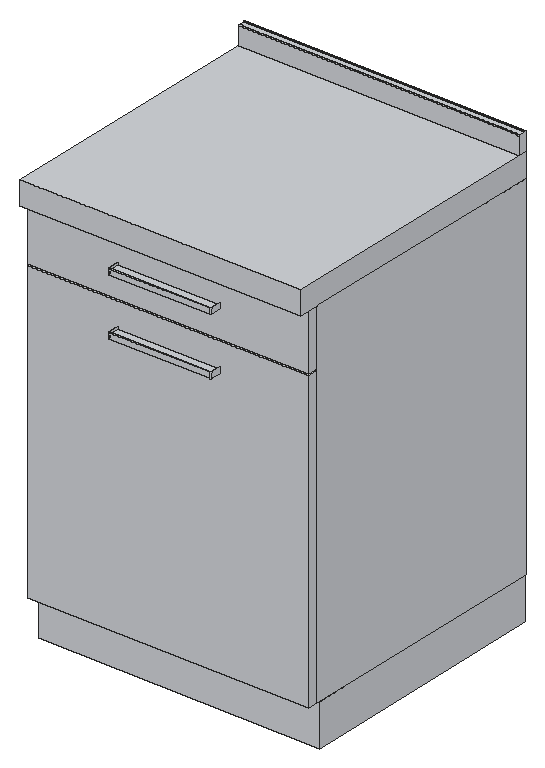
Revit family "Base - 1 Drawer 1 Door", category 케이스워크, Revit 2026
Family settings
  작업 기준면 기반 = 아니오
  항상 수직 = 예
  로드될 때 보이드를 사용하여 절단 = 아니오
  공유 = 아니오
  룸 계산 점 = 아니오
Parameters (values of type "600 X 600 X 900mm")
  기본 높이 = 0 mm
  Top Material = none
  Material = none
  Handle Material = none
  깊이 = 600 mm
  높이 = 900 mm
  폭 = 600 mm
  Assembly Code = ""
Types (4, lengths in mm): name | 폭 | Assembly Code
  (no name) | 600 | ""
  600 x 450 x 900mm | 450 | "C1030400"
  600 X 600 X 900mm | 600 | ""
  600 x 400 x 900mm | 400 | "C1030400"
Reference planes
  plane 1 "Back": y = 0
  plane 2: z = 0
  plane 3 "Center (Left/Right)": x = 44.7
  plane 4 "Front": y = -600
  plane 5 "Left": x = -255.3
  plane 6 "Right": x = 344.7
  plane 7 "Top": z = 900
  plane 8: z = 90
  plane 9: z = 850
  plane 10: z = 727
Forms (mm)
  Extrusion 1, solid
    sketch origin (0, 0, 0) x (1, 0, 0) y (0, 1, 0)
      loop
        line (-255.3, 0) -> (-255.3, -558) -> (-233.3, -558) -> (-233.3, -22) -> (322.7, -22) -> (322.7, -558) -> (344.7, -558) -> (344.7, 0) -> (-255.3, 0)
    from 90 to 850
  Extrusion 2, solid, material <- "Top Material"
    sketch origin (0, 0, 900) x (0, -1, 0) y (-1, 0, 0)
      loop
        line (0, 255.3) -> (0, -344.7) -> (600, -344.7) -> (600, 255.3) -> (0, 255.3)
    from 0 to 50
  Extrusion 3, solid, material <- "Material"
    sketch origin (0, 0, 900) x (0, -1, 0) y (-1, 0, 0)
      loop
        line (0.534, 255.3) -> (0.534, -344.7) -> (550.534, -344.7) -> (550.534, 255.3) -> (0.534, 255.3)
    from 810 to 900
  Sweep 4, solid, material <- "Top Material"
    path origin (0, 0, 900) x (0, -1, 0) y (1, 0, 0)
      loop
        line (0, 344.7) -> (0, -255.3)
    profile origin (44.7, 0, 0) x (0, -1, 0) y (0, 0, 1)
      loop
        line (0, 900) -> (15, 900) -> (15, 938)
        arc (15, 938) -> (14.414, 939.414) -> (13, 940) r 2
        line (13, 940) -> (1.504, 940) -> (1.504, 942.003) -> (0, 942.003) -> (0, 900)
  Extrusion 5, solid, material <- "Material"
    sketch origin (-255.3, -558, 850) x (0, 0, -1) y (1, 0, 0)
      loop
        line (0, 0) -> (120, 0) -> (120, 600) -> (0, 600) -> (0, 0)
      loop
        line (123, 0) -> (760, 0) -> (760, 600) -> (123, 600) -> (123, 0)
    from 0 to 22
Dimensions and locks
  "폭": plane 6 "Right" to plane 5 "Left"
  equal spacing: plane 6 "Right", plane 3 "Center (Left/Right)", plane 5 "Left"
  "깊이": plane 4 "Front" to plane 1 "Back"
  "높이": level to plane 7 "Top"
  locked: Extrusion 1 sketch curve to Extrusion 1 sketch curve at 22  (x3)
  locked: plane 8 to level at 90
  plane 7 "Top" to plane 9 = 50 mm
  equal spacing: plane 5 "Left", nested 1, plane 6 "Right"
  plane 10 to plane 8 = 637 mm
  aligned and locked: Extrusion 1 sketch curve to plane 6 "Right"
  aligned and locked: plane 1 "Back" to Extrusion 1 sketch curve
  aligned and locked: plane 5 "Left" to Extrusion 1 sketch curve
  aligned and locked: Extrusion 1 to plane 9
  aligned and locked: plane 8 to Extrusion 1
Automatic sketch dimensions
  Extrusion 2 sketch curve to plane 1 "Back" = 0 mm
  Extrusion 2 sketch curve to plane 4 "Front" = 0 mm
  Extrusion 2 sketch curve to plane 5 "Left" = 0 mm
  Extrusion 2 sketch curve to plane 6 "Right" = 0 mm
  plane 1 "Back" to Extrusion 3 sketch curve = 0.534 mm
  Extrusion 3 sketch curve to plane 5 "Left" = 0 mm
  Extrusion 3 sketch curve to plane 6 "Right" = 0 mm
  Extrusion 3 sketch curve to plane 4 "Front" = 49.466 mm
  Sweep 4 sketch curve to plane 1 "Back" = 0 mm
  Sweep 4 sketch curve to plane 5 "Left" = 0 mm
  Sweep 4 sketch curve to plane 6 "Right" = 0 mm
  Sweep 4 sketch curve to profile plane = 0 mm  (x2)
  Sweep 4 sketch curve to profile plane = 1.504 mm
  Sweep 4 sketch curve to Sweep 4 sketch curve = 11.496 mm
  Sweep 4 sketch curve to profile plane = 15 mm
  profile plane to Sweep 4 sketch curve = 38 mm
  Sweep 4 sketch curve to Sweep 4 sketch curve = 2.003 mm
  Extrusion 1 sketch curve to plane 4 "Front" = 42 mm  (x2)
  Extrusion 5 sketch curve to plane 6 "Right" = 0 mm  (x2)
  Extrusion 5 sketch curve to plane 9 = 0 mm
  Extrusion 5 sketch curve to plane 5 "Left" = 0 mm  (x2)
  Extrusion 5 sketch curve to plane 10 = 0 mm
  Extrusion 5 sketch curve to plane 8 = 0 mm
  plane 10 to Extrusion 5 sketch curve = 3 mm
Nested families
  nested 1: "Casework Handle" at (319.577, -603, 787.18), type "220 x 23mm"
  nested 2: "Casework Handle" at (319.577, -603, 664.18), type "220 x 23mm"
Definition of nested family "Casework Handle"
  Parameters
    Default Elevation = 0 mm
    Material = none
  Reference planes
    plane 1 "Center (Front/Back)": y = 0
    plane 2: z = 0
    plane 3 "Center (Left/Right)": x = -274.877
    plane 4: x = -384.877
    plane 5: x = -164.877
    plane 6: y = 23
    plane 7: z = 12
  Forms (mm)
    Sweep 1, solid, material <- "Material"
      path origin (0, 0, 0) x (1, 0, 0) y (0, 1, 0)
        loop
          line (-384.877, 23) -> (-384.877, 2.5)
          arc (-384.877, 2.5) -> (-384.145, 0.732) -> (-382.377, 0) r 2.5
          line (-382.377, 0) -> (-167.377, 0)
          arc (-167.377, 0) -> (-165.609, 0.732) -> (-164.877, 2.5) r 2.5
          line (-164.877, 2.5) -> (-164.877, 23)
      profile origin (0, 12.75, 0) x (1, 0, 0) y (0, 0, 1)
        loop
          line (-384.877, 0) -> (-382.877, 0) -> (-382.877, 12) -> (-384.877, 12) -> (-384.877, 0)
    Extrusion 2, solid, material <- "Material"
      sketch origin (0, 0, 0) x (1, 0, 0) y (0, 1, 0)
        loop
          arc (-382.877, 2.5) -> (-382.731, 2.146) -> (-382.377, 2) r 0.5
          line (-382.377, 2) -> (-167.377, 2)
          arc (-167.377, 2) -> (-167.023, 2.146) -> (-166.877, 2.5) r 0.5
          line (-166.877, 2.5) -> (-166.877, 23) -> (-382.877, 23) -> (-382.877, 2.5)
      from 2.765 to 9.254
  Dimensions and locks
    equal spacing: plane 4, plane 3 "Center (Left/Right)", plane 5
